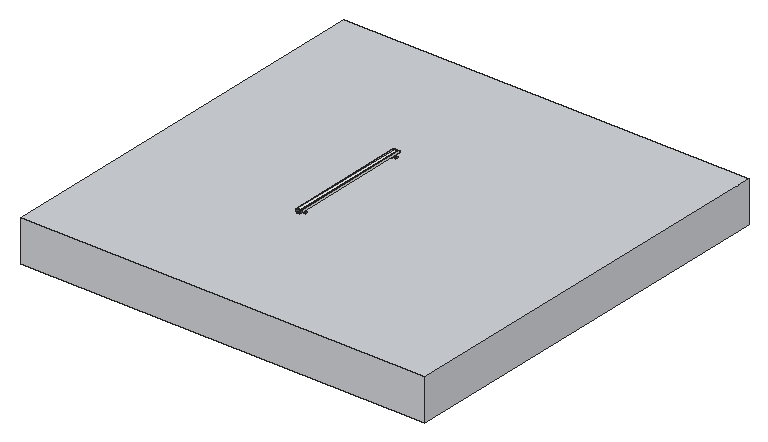
Revit family "Zumtobel LINELIGHT", category Lighting Fixtures, host Face, Revit 2018
Family settings
  Host = Face
  Round Connector Dimension = Use Diameter
  Part Type = Normal
  OmniClass Number = 23.80.70.11
  OmniClass Title = Luminaries for Internal Lighting
  Cut with Voids When Loaded = No
  Light Source = Yes
  Shared = No
  Room Calculation Point = No
Parameters (values of type "LINELIGHT L910")
  Width = 60 mm  # constant formula
  Wattage Comments = ""
  Wattage = 7.5063 W
  built-in parameter 1150110 = 1 (stored number, unit not read)
  Voltage = 230 V
  URL = "http://www.zumtobel.com/21013707"
  Type Comments = "© Zumtobel. We reserve the right to make technical changes without prior notice."  # constant formula
  built-in parameter 1114217 = 1 (stored number, unit not read)
  Tilt Angle = 90.00°
  built-in parameter 1150109 = 1 (stored number, unit not read)
  built-in parameter 1150134 = 12
  built-in parameter 1150113 = 1 (stored number, unit not read)
  Photometric Web File = "21013707_(STD_LEO).IES"
  Model = "21013707"
  Manufacturer = "Zumtobel Lighting"  # constant formula
  built-in parameter 1150105 = 88.729 (stored number, unit not read)
  Lumens = 1115 lm
  built-in parameter 1150115 = 1 (stored number, unit not read)
  built-in parameter 1150137 = (empty or 0)
  built-in parameter 1150139 = (empty or 0)
  Length = 910 mm
  built-in parameter 1150112 = 1 (stored number, unit not read)
  built-in parameter 1150114 = 1 (stored number, unit not read)
  Lamp = "LED"  # constant formula
  built-in parameter 1150132 = 2
  built-in parameter 1150102 = (empty or 0)
  built-in parameter 1150107 = 4000 (stored number, unit not read)
  built-in parameter 1150138 = (empty or 0)
  built-in parameter 1150106 = 0.88729 (stored number, unit not read)
  Height = 27 mm  # constant formula
  Emit from Rectangle Width = Length - 10 mm  # 900 mm
  Emit from Rectangle Length = 25 mm
  Emit Shape Visible in Rendering = no
  built-in parameter 1150104 = 13.8 (stored number, unit not read)
  Dimming Lamp Color Temperature Shift = <None>
  Description = "LED light line luminaire"  # constant formula
  Default Elevation = 0 mm
  Color Filter = 16777215
  Body = ZG_Metal_Aluminium
  built-in parameter 1114218 = 1 (stored number, unit not read)
  built-in parameter 1150133 = 10 (stored number, unit not read)
  Assembly Code = "D5020210"
  Apparent Load = 14.9 VA
Types (10, lengths in mm): name | Wattage | URL | Tilt Angle | Photometric Web File | Model | built-in parameter 1150105 | Lumens | Length | built-in parameter 1150106 | Emit from Rectangle Width | Emit from Rectangle Length | Apparent Load
  LINELIGHT L910 | 7.5063 W | "http://www.zumtobel.com/21013707" | 90.00° | "21013707_(STD_LEO).IES" | "21013707" | 88.729 (stored number, unit not read) | 1115 lm | 910 | 0.88729 (stored number, unit not read) | 900 | 25 | 14.9 VA
  AMPHIBIA S 4600 MB | 30.9677 W | "http://www.zumtobel.com/42929203" | -90.00° | "D39911AA_AMP_S_4600-840_PC_MB.IES" | "42929203" | 366.06 (stored number, unit not read) | 4600 lm | 1100 | 3.6606 (stored number, unit not read) | 1090 | 60 | 31 VA
  AMPHIBIA L 4600 WB | 31.237 W | "http://www.zumtobel.com/42929225" | -90.00° | "D39805AA_AMP_L_4600-840_PC_WB.IES" | "42929225" | 369.24 (stored number, unit not read) | 4640 lm | 1600 | 3.6924 (stored number, unit not read) | 1590 | 60 | 32.6 VA
  AMPHIBIA L 6400 MB | 42.8162 W | "http://www.zumtobel.com/42929253" | -90.00° | "D39911AA_AMP_L_6400-840_PC_MB.IES" | "42929253" | 1977.3 (stored number, unit not read) | 6360 lm | 1600 | 19.773 (stored number, unit not read) | 1590 | 60 | 44.3 VA
  AMPHIBIA L 6400 NB | 43.0181 W | "http://www.zumtobel.com/42929257" | -90.00° | "D39907AA_AMP_L_6400-840_PC_NB.IES" | "42929257" | 6006.6 (stored number, unit not read) | 6390 lm | 1600 | 60.066 (stored number, unit not read) | 1590 | 60 | 41.2 VA
  AMPHIBIA L 6400 WB | 43.3548 W | "http://www.zumtobel.com/42929249" | -90.00° | "D39805AA_AMP_L_6400-840_PC_WB.IES" | "42929249" | 6053.6 (stored number, unit not read) | 6440 lm | 1600 | 60.536 (stored number, unit not read) | 1590 | 60 | 45.7 VA
  AMPHIBIA L 8000 MB | 53.9915 W | "http://www.zumtobel.com/42929288" | -90.00° | "D39911AA_AMP_L_8000-840_PC_MB.IES" | "42929288" | 2493.4 (stored number, unit not read) | 8020 lm | 1600 | 24.934 (stored number, unit not read) | 1590 | 60 | 57.6 VA
  AMPHIBIA L 8000 NB | 54.0588 W | "http://www.zumtobel.com/42929292" | -90.00° | "D39907AA_AMP_L_8000-840_PC_NB.IES" | "42929292" | 2496.5 (stored number, unit not read) | 8030 lm | 1600 | 24.965 (stored number, unit not read) | 1590 | 60 | 53 VA
  AMPHIBIA L 8000 WB | 54.2608 W | "http://www.zumtobel.com/42929284" | -90.00° | "D39805AA_AMP_L_8000-840_PC_WB.IES" | "42929284" | 7576.4 (stored number, unit not read) | 8060 lm | 1600 | 75.764 (stored number, unit not read) | 1590 | 60 | 59.2 VA
  AMPHIBIA S 4600 WB | 31.1696 W | "http://www.zumtobel.com/42929199" | -90.00° | "D39805AA_AMP_S_4600-840_PC_WB.IES" | "42929199" | 1440.9 (stored number, unit not read) | 4630 lm | 1100 | 14.409 (stored number, unit not read) | 1090 | 60 | 32 VA
Reference planes
  plane 1 "Center (Front/Back)": y = 0
  plane 2 "Top": z = 0
  plane 3 "Center (Left/Right)": x = -735.5
  plane 4: x = -735.5
  plane 5 "Back": y = 455
  plane 6 "Front": y = -455
  plane 7: z = 27
  plane 8: y = -425
  plane 9: y = 425
  plane 10: y = 450
  plane 11: y = -450
  plane 12: y = 430
  plane 13: y = 382
  plane 14: y = 412
  plane 15: y = -430
  plane 16: y = -382
  plane 17: y = -412
  plane 18: y = -415
  plane 19: y = 415
Forms (mm)
  Extrusion 1, solid
    sketch origin (123, 0, 0) x (1, 0, 0) y (0, 1, 0)
      loop
        line (-2085.5, 1500) -> (-2085.5, -1500) -> (914.5, -1500) -> (914.5, 1500) -> (-2085.5, 1500)
    from 0 to -304.8
  Extrusion 2, solid, material "ZG_Metal_Black"
    sketch origin (0, -455, 0) x (1, 0, 0) y (0, 0, -1)
      loop
        line (-752.564, -27) -> (-752.564, -25.452) -> (-754.155, -25.452) -> (-754.155, -23.555) -> (-750.953, -23.555) -> (-750.953, -27) -> (-720.047, -27) -> (-720.047, -23.555) -> (-716.845, -23.555) -> (-716.845, -25.452) -> (-718.436, -25.452) -> (-718.436, -27) -> (-715, -27) -> (-715, -15.471) -> (-756, -15.471) -> (-756, -27) -> (-752.564, -27)
    from 0 to 5
  Extrusion 3, solid, material "ZG_Metal_Black"
    sketch origin (0, 455, 0) x (1, 0, 0) y (0, 0, 1)
      loop
        line (-752.564, 27) -> (-756, 27) -> (-756, 15.471) -> (-715, 15.471) -> (-715, 27) -> (-718.436, 27) -> (-718.436, 25.452) -> (-716.845, 25.452) -> (-716.845, 23.555) -> (-720.047, 23.555) -> (-720.047, 27) -> (-750.953, 27) -> (-750.953, 23.555) -> (-754.155, 23.555) -> (-754.155, 25.452) -> (-752.564, 25.452) -> (-752.564, 27)
    from 0 to 5
  Extrusion 4, solid, material "ZG_Metal_Aluminium" <- "Body"
    sketch origin (0, 0, 0) x (1, 0, 0) y (0, 0, 1)
      loop
        line (-752.564, 27) -> (-756, 27) -> (-756, 15.471) -> (-715, 15.471) -> (-715, 27) -> (-718.436, 27) -> (-718.436, 25.452) -> (-716.845, 25.452) -> (-716.845, 23.555) -> (-720.047, 23.555) -> (-720.047, 27) -> (-723, 27) -> (-723, 25.452) -> (-748, 25.452) -> (-748, 27) -> (-750.953, 27) -> (-750.953, 23.555) -> (-754.155, 23.555) -> (-754.155, 25.452) -> (-752.564, 25.452) -> (-752.564, 27)
    from -450 to 450
  Extrusion 5, solid, material "ZG_Metal_Black"
    sketch origin (0, 0, 0) x (1, 0, 0) y (0, 0, 1)
      loop
        line (-765.5, 3.232) -> (-765.5, 0) -> (-705.5, 0) -> (-705.5, 3.232) -> (-765.5, 3.232)
    from -425 to -412
  Extrusion 6, solid, material "ZG_Metal_Black"
    sketch origin (0, 0, 0) x (1, 0, 0) y (0, 0, 1)
      loop
        line (-754.741, 3.232) -> (-716.259, 3.232)
        arc (-716.259, 3.232) -> (-724.444, 6.784) -> (-731.224, 12.583) r 30.049
        arc (-731.224, 12.583) -> (-735.5, 14.535) -> (-739.776, 12.583) r 5.659
        arc (-739.776, 12.583) -> (-746.556, 6.784) -> (-754.741, 3.232) r 30.049
    from -415 to -412
  Extrusion 7, solid, material "ZG_Metal_Black"
    sketch origin (0, 0, 0) x (1, 0, 0) y (0, 0, 1)
      loop
        line (-746.159, 4.485) -> (-724.841, 4.485) -> (-724.841, 13.659) -> (-746.159, 13.659) -> (-746.159, 4.485)
    from -455 to -430
  Extrusion 8, solid, material "ZG_Metal_Black"
    sketch origin (0, 0, 0) x (1, 0, 0) y (0, 0, 1)
      loop
        line (-755.181, 15.471) -> (-755.181, 13.607) -> (-747.7, 13.607) -> (-747.7, 12.363)
        arc (-747.7, 12.363) -> (-745.786, 7.741) -> (-741.164, 5.827) r 6.536
        line (-741.164, 5.827) -> (-729.836, 5.827)
        arc (-729.836, 5.827) -> (-725.214, 7.741) -> (-723.3, 12.363) r 6.536
        line (-723.3, 12.363) -> (-723.3, 13.607) -> (-715.819, 13.607) -> (-715.819, 15.471) -> (-755.181, 15.471)
    from -412 to -382
  Extrusion 9, solid, material "ZG_Metal_Black"
    sketch origin (0, 0, 0) x (1, 0, 0) y (0, 0, -1)
      loop
        line (-765.5, -3.232) -> (-705.5, -3.232) -> (-705.5, 0) -> (-765.5, 0) -> (-765.5, -3.232)
    from -425 to -412
  Extrusion 10, solid, material "ZG_Metal_Black"
    sketch origin (0, 0, 0) x (1, 0, 0) y (0, 0, -1)
      loop
        arc (-754.741, -3.232) -> (-746.556, -6.784) -> (-739.776, -12.583) r 30.049
        arc (-739.776, -12.583) -> (-735.5, -14.535) -> (-731.224, -12.583) r 5.659
        arc (-731.224, -12.583) -> (-724.444, -6.784) -> (-716.259, -3.232) r 30.049
        line (-716.259, -3.232) -> (-754.741, -3.232)
    from -415 to -412
  Extrusion 11, solid, material "ZG_Metal_Black"
    sketch origin (0, 0, 0) x (1, 0, 0) y (0, 0, -1)
      loop
        line (-746.159, -4.485) -> (-746.159, -13.659) -> (-724.841, -13.659) -> (-724.841, -4.485) -> (-746.159, -4.485)
    from -455 to -430
  Extrusion 12, solid, material "ZG_Metal_Black"
    sketch origin (0, 0, 0) x (1, 0, 0) y (0, 0, -1)
      loop
        line (-755.181, -15.471) -> (-715.819, -15.471) -> (-715.819, -13.607) -> (-723.3, -13.607) -> (-723.3, -12.363)
        arc (-723.3, -12.363) -> (-725.214, -7.741) -> (-729.836, -5.827) r 6.536
        line (-729.836, -5.827) -> (-741.164, -5.827)
        arc (-741.164, -5.827) -> (-745.786, -7.741) -> (-747.7, -12.363) r 6.536
        line (-747.7, -12.363) -> (-747.7, -13.607) -> (-755.181, -13.607) -> (-755.181, -15.471)
    from -412 to -382
  Extrusion 13, solid, material "Zumtobel_PMMA_Semitransparent_SI"
    sketch origin (0, 0, 0) x (1, 0, 0) y (0, 0, 1)
      loop
        line (-748, 27) -> (-748, 25) -> (-723, 25) -> (-723, 27) -> (-748, 27)
    from -450 to 450
Cuts and joins
  joined: Extrusion 9, Extrusion 10
  joined: Extrusion 5, Extrusion 6
Lines and regions (mm)
  symbolic lines, style "Zumtobel Lighting", detail levels coarse
    curve 1: line (-735.5, 455, 0) -> (-735.5, -455, 0)
    curve 2: line (-781.5, -455, 0) -> (-689.5, -455, 0)
    curve 3: line (-781.5, 455, 0) -> (-689.5, 455, 0)
Dimensions and locks
  "Length": plane 6 "Front" to plane 5 "Back"
  equal spacing: plane 6 "Front", plane 1 "Center (Front/Back)", plane 5 "Back"
  plane 6 "Front" to plane 11 to plane 15 to plane 8 to plane 18 to plane 17 to plane 16 = 5 mm locked, 20 mm locked, 5 mm locked, 10 mm locked, 3 mm locked, 30 mm locked
  plane 13 to plane 14 to plane 19 to plane 9 to plane 12 to plane 10 to plane 5 "Back" = 30 mm locked, 3 mm locked, 10 mm locked, 5 mm locked, 20 mm locked, 5 mm locked
  locked: plane 7 to plane 2 "Top" at 27
  aligned and locked: plane 2 "Top" to Extrusion 1
  aligned and locked: level to Extrusion 1
  aligned and locked: imposter light to plane 1 "Center (Front/Back)"
  aligned and locked: imposter light to plane 3 "Center (Left/Right)"
  aligned and locked: imposter light to plane 7
  aligned and locked: Extrusion 4 to plane 10
  aligned and locked: Extrusion 4 to plane 11
  aligned and locked: plane 9 to Extrusion 5
  aligned and locked: Extrusion 5 to plane 14
  aligned and locked: Extrusion 7 to plane 5 "Back"
  aligned and locked: Extrusion 7 to plane 12
  aligned and locked: Extrusion 6 to plane 19
  aligned and locked: Extrusion 6 to plane 14
  aligned and locked: plane 14 to Extrusion 8
  aligned and locked: Extrusion 8 to plane 13
  aligned and locked: Extrusion 11 to plane 6 "Front"
  aligned and locked: plane 15 to Extrusion 11
  aligned and locked: plane 8 to Extrusion 9
  aligned and locked: plane 17 to Extrusion 9
  aligned and locked: plane 17 to Extrusion 10
  aligned and locked: Extrusion 12 to plane 17
  aligned and locked: plane 16 to Extrusion 12
  aligned and locked: Extrusion 10 to plane 18
  aligned and locked: Extrusion 13 to plane 11
  aligned and locked: Extrusion 13 to plane 10
Automatic sketch dimensions
  curve 2 to plane 6 "Front" = 0 mm
  plane 5 "Back" to curve 3 = 0 mm
  curve 1 to plane 3 "Center (Left/Right)" = 0 mm
  plane 3 "Center (Left/Right)" to curve 3 = 46 mm
  plane 3 "Center (Left/Right)" to curve 2 = 46 mm
  curve 1 to curve 3 = 46 mm
  curve 1 to curve 2 = 46 mm
  Extrusion 1 sketch curve to Extrusion 1 sketch curve = 3000 mm  (x2)
  Extrusion 2 sketch curve to plane 3 "Center (Left/Right)" = 20.5 mm
  Extrusion 2 sketch curve to Extrusion 2 sketch curve = 1.845 mm  (x2)
  Extrusion 2 sketch curve to Extrusion 2 sketch curve = 1.591 mm  (x2)
  Extrusion 2 sketch curve to Extrusion 2 sketch curve = 1.611 mm  (x2)
  plane 3 "Center (Left/Right)" to Extrusion 2 sketch curve = 15.453 mm
  Extrusion 2 sketch curve to level = 15.471 mm
  Extrusion 2 sketch curve to Extrusion 2 sketch curve = 8.084 mm  (x2)
  Extrusion 2 sketch curve to Extrusion 2 sketch curve = 1.897 mm  (x2)
  Extrusion 2 sketch curve to Extrusion 2 sketch curve = 1.548 mm  (x3)
  plane 3 "Center (Left/Right)" to Extrusion 3 sketch curve = 20.5 mm
  Extrusion 3 sketch curve to Extrusion 3 sketch curve = 1.845 mm  (x2)
  Extrusion 3 sketch curve to Extrusion 3 sketch curve = 1.591 mm  (x2)
  Extrusion 3 sketch curve to Extrusion 3 sketch curve = 1.611 mm  (x2)
  Extrusion 3 sketch curve to plane 3 "Center (Left/Right)" = 15.453 mm
  level to Extrusion 3 sketch curve = 15.471 mm
  Extrusion 3 sketch curve to Extrusion 3 sketch curve = 8.084 mm  (x2)
  Extrusion 3 sketch curve to Extrusion 3 sketch curve = 1.897 mm  (x2)
  Extrusion 3 sketch curve to Extrusion 3 sketch curve = 1.548 mm  (x3)
  plane 3 "Center (Left/Right)" to Extrusion 4 sketch curve = 20.5 mm
  Extrusion 4 sketch curve to Extrusion 4 sketch curve = 1.845 mm  (x2)
  Extrusion 4 sketch curve to Extrusion 4 sketch curve = 1.591 mm  (x2)
  Extrusion 4 sketch curve to Extrusion 4 sketch curve = 1.611 mm  (x2)
  Extrusion 4 sketch curve to Extrusion 4 sketch curve = 2.953 mm  (x2)
  Extrusion 4 sketch curve to plane 3 "Center (Left/Right)" = 12.5 mm
  level to Extrusion 4 sketch curve = 15.471 mm
  Extrusion 4 sketch curve to Extrusion 4 sketch curve = 8.084 mm  (x2)
  Extrusion 4 sketch curve to Extrusion 4 sketch curve = 1.897 mm  (x3)
  Extrusion 4 sketch curve to Extrusion 4 sketch curve = 1.548 mm  (x4)
  Extrusion 5 sketch curve to level = 0 mm
  plane 3 "Center (Left/Right)" to Extrusion 5 sketch curve = 30 mm
  Extrusion 5 sketch curve to plane 3 "Center (Left/Right)" = 30 mm
  Extrusion 5 sketch curve to Extrusion 5 sketch curve = 3.232 mm
  plane 3 "Center (Left/Right)" to Extrusion 6 sketch curve = 0 mm
  level to Extrusion 6 sketch curve = 3.232 mm
  plane 3 "Center (Left/Right)" to Extrusion 6 sketch curve = 19.241 mm
  plane 3 "Center (Left/Right)" to Extrusion 6 sketch curve = 26.98 mm
  Extrusion 6 sketch curve to plane 3 "Center (Left/Right)" = 19.241 mm
  Extrusion 6 sketch curve to plane 3 "Center (Left/Right)" = 26.98 mm
  level to Extrusion 6 sketch curve = 8.876 mm
  Extrusion 6 sketch curve to Extrusion 6 sketch curve = 29.035 mm  (x2)
  Extrusion 6 sketch curve to Extrusion 6 sketch curve = 0 mm
  plane 3 "Center (Left/Right)" to Extrusion 7 sketch curve = 10.659 mm
  Extrusion 7 sketch curve to plane 3 "Center (Left/Right)" = 10.659 mm
  level to Extrusion 7 sketch curve = 4.485 mm
  Extrusion 7 sketch curve to Extrusion 7 sketch curve = 9.174 mm
  plane 3 "Center (Left/Right)" to Extrusion 8 sketch curve = 19.681 mm
  Extrusion 8 sketch curve to Extrusion 8 sketch curve = 7.481 mm  (x2)
  plane 3 "Center (Left/Right)" to Extrusion 8 sketch curve = 5.664 mm
  Extrusion 8 sketch curve to plane 3 "Center (Left/Right)" = 5.664 mm
  Extrusion 8 sketch curve to Extrusion 8 sketch curve = 6.536 mm
  level to Extrusion 8 sketch curve = 5.827 mm
  Extrusion 8 sketch curve to Extrusion 8 sketch curve = 1.244 mm  (x2)
  Extrusion 8 sketch curve to Extrusion 8 sketch curve = 1.864 mm
  Extrusion 9 sketch curve to level = 0 mm
  plane 3 "Center (Left/Right)" to Extrusion 9 sketch curve = 30 mm
  Extrusion 9 sketch curve to plane 3 "Center (Left/Right)" = 30 mm
  Extrusion 9 sketch curve to Extrusion 9 sketch curve = 3.232 mm
  plane 3 "Center (Left/Right)" to Extrusion 10 sketch curve = 0 mm
  level to Extrusion 10 sketch curve = 3.232 mm
  plane 3 "Center (Left/Right)" to Extrusion 10 sketch curve = 19.241 mm
  plane 3 "Center (Left/Right)" to Extrusion 10 sketch curve = 26.98 mm
  Extrusion 10 sketch curve to plane 3 "Center (Left/Right)" = 19.241 mm
  Extrusion 10 sketch curve to plane 3 "Center (Left/Right)" = 26.98 mm
  level to Extrusion 10 sketch curve = 8.876 mm
  Extrusion 10 sketch curve to Extrusion 10 sketch curve = 29.035 mm  (x2)
  Extrusion 10 sketch curve to Extrusion 10 sketch curve = 0 mm
  plane 3 "Center (Left/Right)" to Extrusion 11 sketch curve = 10.659 mm
  Extrusion 11 sketch curve to plane 3 "Center (Left/Right)" = 10.659 mm
  level to Extrusion 11 sketch curve = 13.659 mm
  level to Extrusion 11 sketch curve = 4.485 mm
  plane 3 "Center (Left/Right)" to Extrusion 12 sketch curve = 19.681 mm
  Extrusion 12 sketch curve to Extrusion 12 sketch curve = 7.481 mm  (x2)
  plane 3 "Center (Left/Right)" to Extrusion 12 sketch curve = 5.664 mm
  Extrusion 12 sketch curve to plane 3 "Center (Left/Right)" = 5.664 mm
  Extrusion 12 sketch curve to Extrusion 12 sketch curve = 6.536 mm
  level to Extrusion 12 sketch curve = 15.471 mm
  Extrusion 12 sketch curve to Extrusion 12 sketch curve = 1.864 mm  (x2)
  Extrusion 12 sketch curve to Extrusion 12 sketch curve = 1.244 mm
  plane 3 "Center (Left/Right)" to Extrusion 13 sketch curve = 12.5 mm
  Extrusion 13 sketch curve to plane 3 "Center (Left/Right)" = 12.5 mm
  level to Extrusion 13 sketch curve = 25 mm
  Extrusion 13 sketch curve to Extrusion 13 sketch curve = 2 mm
Connectors
  electrical at (-735.5, 0, 0), driven by "Apparent Load", driven by "Voltage"
    settings: index 1, voltage 230 V, apparent load 0 VA, apparent load phase1 14.9 VA, apparent load phase2 0 VA, apparent load phase3 0 VA, power factor 1, load classification "Lighting", number of poles 1, system type 31, power factor state 1, is connector primary yes, connector utility no, sub classification motor no, connector description "Power"
